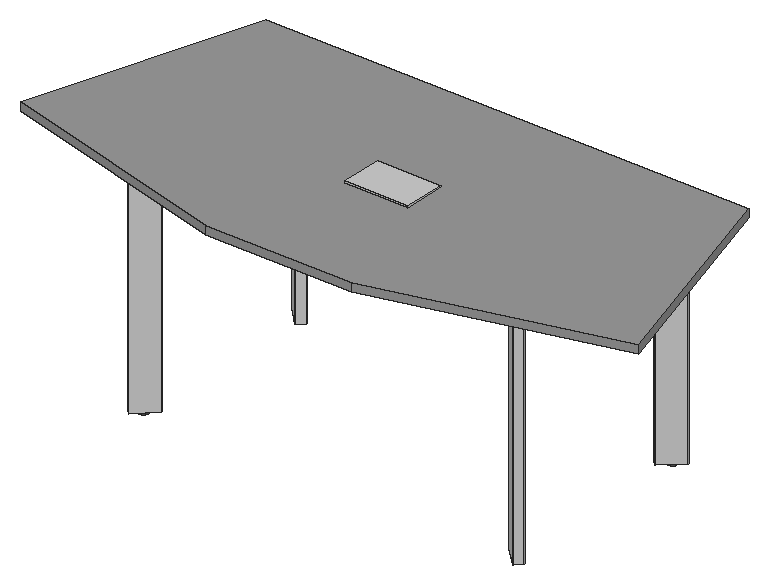
Revit family "Haworth_Planes_ConferenceDesk_Polygon_AP_PRELIMINARY", category Furniture, Revit 2019
Family settings
  OmniClass Number = 23.40.70.14.64.21
  OmniClass Title = Systems Furniture
  Work Plane-Based = No
  Always vertical = Yes
  Cut with Voids When Loaded = No
  Shared = No
  Room Calculation Point = No
Parameters (values of type "1950w x 900d")
  Warranty = "http://www.haworth.com/resources/product-info/warranties"
  URL - Product = "https://www.haworth.com/ap/en/products/conference-tables/planes-0.html"
  Top Finish [instance] = Haworth _ Laminate _ Undecided _ Tables
  Support Finish [instance] = Haworth _ Paint _ Undecided _ Table
  Polygon Small = not(Polygon Large)  # no
  Polygon Large = yes
  Model = "WOPLTCL"  # constant formula
  Leg Height = Actual Height - 25 mm  # 715 mm
  Glide Finish = Haworth _ Polymer _ Black
  Flip Top Finish = Haworth _ Paint _ Undecided _ Table
  Flip Top = yes
  Description = "Haworth - Planes - Conference Table - Polygon"  # constant formula
  URL = "https://www.haworth.com/ap/en.html"
  Size = "Verify Final Dim. w/ Haworth"  # constant formula
  Revision Number = "1"  # constant formula
  Manufacturer = "Haworth"  # constant formula
  Author = "Haworth (Abd Rahman)"  # constant formula
  Assembly Code = "E2020200"
  Actual Width = if(Polygon Small, 1650 mm, 1950 mm)  # 1950 mm
  Actual Height = 740 mm  # constant formula
  Actual Depth = if(Polygon Small, 750 mm, 900 mm)  # 900 mm
Types (3, lengths in mm): name | Polygon Small | Polygon Large | Flip Top | Actual Width | Actual Depth
  (no name) | no | yes | yes | 1950 | 900
  1650w x 750d | yes | no | no | 1650 | 750
  1950w x 900d | no | yes | yes | 1950 | 900
Reference planes
  plane 1 "Center F/B": y = 0
  plane 2: z = 0
  plane 3 "Top": z = 740
  plane 4: x = 0
  plane 5: z = 715
  plane 6: x = -975
  plane 7: x = 975
  plane 8: y = 450
  plane 9: y = -450
  plane 10: x = 675
  plane 11: x = -675
  plane 12: y = -330
Dimensions and locks
  "Actual Height": plane 3 "Top" to level
  "Actual Width": plane 6 to plane 7
  equal spacing: plane 6, plane 4, plane 7
  equal spacing: plane 8, plane 1 "Center F/B", plane 9
  "Actual Depth": plane 8 to plane 9
  locked: plane 3 "Top" to plane 5 at 25
  locked: plane 6 to plane 11 at 300
  locked: plane 10 to plane 7 at 300
  locked: plane 12 to plane 9 at 120
  aligned and locked: nested 1 to plane 4
  aligned and locked: plane 1 "Center F/B" to nested 1
  aligned and locked: plane 3 "Top" to nested 1
  aligned and locked: nested 2 to plane 4
  aligned and locked: plane 1 "Center F/B" to nested 2
  aligned and locked: nested 2 to plane 3 "Top"
  aligned and locked: level to nested 6
  aligned and locked: nested 4 to level
  aligned and locked: nested 5 to level
  aligned and locked: level to nested 3
  aligned and locked: nested 3 to plane 10
  aligned and locked: plane 11 to nested 4
  aligned and locked: plane 8 to nested 3
  aligned and locked: nested 4 to plane 8
  aligned and locked: plane 10 to nested 5
  aligned and locked: nested 6 to plane 11
  aligned and locked: nested 6 to plane 12
  aligned and locked: plane 12 to nested 5
Nested families
  nested 1: "Haworth_Planes_Top_PolygonPebble_AP-PART" at (556.859, 72.1, 5), Top Finish <- "Top Finish", type "Conference Desk - Top"
    with Top Finish Haworth _ Laminate _ Undecided _ Tables, Polygon - Small no, Pebble - Small no, Pebble - Medium no, Pebble - Large no, Pebble - Extra Large no
  nested 2: "Haworth-Flip Top" at (-14.487, -1.333, -60), visible <- "Flip Top", type "Flip Top - Visio"
    with Actual Width 200 mm, Actual Depth 130 mm
  nested 3: "Haworth_Planes_InteriorLeg_AP-PART" at (1218.029, 659.465, 0), Leg Finish <- "Support Finish", type "Interior Leg"
    with Leg Finish Haworth _ Paint _ Undecided _ Table, Actual Height 715 mm
  nested 4: "Haworth_Planes_InteriorLeg_AP-PART" at (-1218.029, 659.465, 0) x (-1, 0, 0) z (0, 0, 1), Leg Finish <- "Support Finish", type "Interior Leg"
    with Leg Finish Haworth _ Paint _ Undecided _ Table, Actual Height 715 mm
  nested 5: "Haworth_Planes_InteriorLeg_AP-PART" at (1218.029, -539.465, 0), Leg Finish <- "Support Finish", type "Interior Leg"
    with Leg Finish Haworth _ Paint _ Undecided _ Table, Actual Height 715 mm
  nested 6: "Haworth_Planes_InteriorLeg_AP-PART" at (-1218.029, -539.465, 0) x (-1, 0, 0) z (0, 0, 1), Leg Finish <- "Support Finish", type "Interior Leg"
    with Leg Finish Haworth _ Paint _ Undecided _ Table, Actual Height 715 mm
Definition of nested family "Haworth_Planes_Top_PolygonPebble_AP-PART"
  Parameters (values of type "Conference Desk - Top")
    Warranty = "http://www.haworth.com/resources/product-info/warranties"
    URL - Product = ""
    URL = ""
    Top Finish [instance] = none
    Thickness = 25 mm
    Size = "Verify Final Dim. w/ Haworth"  # constant formula
    Revision Number = "1"  # constant formula
    Polygon - Small = yes
    Polygon - Large = yes
    Pebble - Small = yes
    Pebble - Medium = yes
    Pebble - Large = yes
    Pebble - Extra Large = yes
    Model = ""
    Manufacturer = "Haworth"  # constant formula
    Description = ""
    Author = "Haworth (Abd Rahman)"  # constant formula
    Assembly Code = "E2020200"
    Actual Width = 2400 mm  # constant formula
    Actual Mounting Height = 450 mm
    Actual Depth = 1200 mm  # constant formula
  Reference planes
    plane 1: z = -5
    plane 2: x = -556.859
    plane 3: y = -72.1
    plane 4: z = 735
    plane 5: z = 710
    plane 6: x = 643.141
    plane 7: x = -1756.859
    plane 8: y = 527.9
    plane 9: y = -672.1
  Forms (mm)
    Extrusion 1, solid, material <- "Top Finish", visible <- "Polygon - Small"
      sketch origin (5256.778, -2580.649, -5) x (1, 0, 0) y (0, 1, 0)
        loop
          line (-4989.026, 2303.104) -> (-5144.409, 2882.994) -> (-6482.867, 2882.994) -> (-6638.25, 2303.104) -> (-6008.98, 2134.492) -> (-5618.295, 2134.492) -> (-4989.026, 2303.104)
      from 715 to 740
    Extrusion 2, solid, material <- "Top Finish", visible <- "Polygon - Large"
      sketch origin (2851.336, -2545.544, -5) x (1, 0, 0) y (0, 1, 0)
        loop
          line (-4166.554, 2923.501) -> (-4380.643, 2224.986) -> (-3639.874, 2026.498) -> (-3178.084, 2026.498) -> (-2435.867, 2225.374) -> (-2649.837, 2923.501) -> (-4166.554, 2923.501)
      from 715 to 740
    Extrusion 3, solid, material <- "Top Finish", visible <- "Pebble - Small"
      sketch origin (193.141, -2271.084, -5) x (1, 0, 0) y (0, 1, 0)
        loop
          arc (-1288.345, 2642.369) -> (-1404.319, 2600.729) -> (-1505.275, 2530.079) r 464.798
          arc (-1505.275, 2530.079) -> (-1650.609, 2198.984) -> (-1505.275, 1867.888) r 449.812
          arc (-1505.275, 1867.888) -> (-1385.894, 1788.436) -> (-1247.863, 1749.555) r 460.543
          arc (-1247.863, 1749.555) -> (-750, 1697.84) -> (-252.137, 1749.555) r 2422.338
          arc (-252.137, 1749.555) -> (-96.044, 1799.738) -> (34.483, 1898.966) r 486.065
          arc (34.483, 1898.966) -> (153.207, 2200) -> (34.483, 2501.034) r 441.008
          arc (34.483, 2501.034) -> (-77.969, 2590.19) -> (-211.654, 2642.369) r 482.976
          arc (-211.654, 2642.369) -> (-750, 2702.749) -> (-1288.345, 2642.369) r 2430.108
      from 715 to 740
    Extrusion 4, solid, material <- "Top Finish", visible <- "Pebble - Medium"
      sketch origin (-2348.032, -2171.084, -5) x (1, 0, 0) y (0, 1, 0)
        loop
          arc (1121.173, 2534.292) -> (1044.067, 2503.834) -> (974.133, 2459.31) r 435.33
          arc (974.133, 2459.31) -> (799.673, 2102.033) -> (974.133, 1744.755) r 453.065
          arc (974.133, 1744.755) -> (1042.175, 1695.138) -> (1121.598, 1667.144) r 290.215
          arc (1121.598, 1667.144) -> (1806.152, 1600.787) -> (2490.706, 1667.144) r 3564.178
          arc (2490.706, 1667.144) -> (2596.545, 1718.836) -> (2685.596, 1795.931) r 455.65
          arc (2685.596, 1795.931) -> (2800.988, 2098.984) -> (2685.596, 2402.036) r 455.65
          arc (2685.596, 2402.036) -> (2584.275, 2486.645) -> (2461.173, 2534.292) r 406.154
          arc (2461.173, 2534.292) -> (1791.173, 2603.572) -> (1121.173, 2534.292) r 3274.426
      from 715 to 740
    Extrusion 5, solid, material <- "Top Finish", visible <- "Pebble - Large"
      sketch origin (-5106.063, -2075.304, -5) x (1, 0, 0) y (0, 1, 0)
        loop
          arc (3849.204, 2525.806) -> (3708.378, 2469.455) -> (3594.685, 2369.05) r 444.677
          arc (3594.685, 2369.05) -> (3452.458, 1998.947) -> (3594.685, 1628.844) r 552.656
          arc (3594.685, 1628.844) -> (3710.386, 1532.112) -> (3848.397, 1471.308) r 537.797
          arc (3848.397, 1471.308) -> (4550, 1404.274) -> (5251.603, 1471.308) r 3705.189
          arc (5251.603, 1471.308) -> (5408.261, 1550.662) -> (5535.003, 1672.215) r 596.196
          arc (5535.003, 1672.215) -> (5647, 2000) -> (5535.003, 2327.785) r 535.667
          arc (5535.003, 2327.785) -> (5412.003, 2455.516) -> (5249.204, 2525.806) r 449.963
          arc (5249.204, 2525.806) -> (4549.204, 2599.308) -> (3849.204, 2525.806) r 3369.986
      from 715 to 740
    Extrusion 6, solid, material <- "Top Finish", visible <- "Pebble - Extra Large"
      sketch origin (-8252.839, -1974.122, -5) x (1, 0, 0) y (0, 1, 0)
        loop
          arc (6947.482, 2441.025) -> (6825.463, 2405.522) -> (6716.095, 2340.81) r 507.347
          arc (6716.095, 2340.81) -> (6502.13, 1902.022) -> (6716.095, 1463.234) r 556.904
          arc (6716.095, 1463.234) -> (6848.97, 1387.346) -> (6997.961, 1352.467) r 531.397
          arc (6997.961, 1352.467) -> (7714.553, 1299.52) -> (8431.146, 1352.467) r 4875.659
          arc (8431.146, 1352.467) -> (8564.495, 1391.946) -> (8683.905, 1463.234) r 556.904
          arc (8683.905, 1463.234) -> (8897.87, 1902.022) -> (8683.905, 2340.81) r 556.904
          arc (8683.905, 2340.81) -> (8570.921, 2406.994) -> (8444.477, 2441.025) r 491.896
          arc (8444.477, 2441.025) -> (7695.98, 2500.121) -> (6947.482, 2441.025) r 4769.7
      from 715 to 740
  Lines and regions (mm)
    Masking region 1, visible <- "Polygon - Small"
      outline origin (5256.778, -2580.649, -5) x (1, 0, 0) y (0, 1, 0)
        loop
          line (-4989.026, 2303.104) -> (-5144.409, 2882.994) -> (-6482.867, 2882.994) -> (-6638.25, 2303.104) -> (-6008.98, 2134.492) -> (-5618.295, 2134.492) -> (-4989.026, 2303.104)
    Masking region 2, visible <- "Polygon - Large"
      outline origin (2851.336, -2545.544, -5) x (1, 0, 0) y (0, 1, 0)
        loop
          line (-2435.867, 2225.374) -> (-2649.837, 2923.501) -> (-4166.554, 2923.501) -> (-4380.643, 2224.986) -> (-3639.874, 2026.498) -> (-3178.084, 2026.498) -> (-2435.867, 2225.374)
    Masking region 3, visible <- "Pebble - Small"
      outline origin (193.141, -2271.084, -5) x (1, 0, 0) y (0, 1, 0)
        loop
          arc (-211.654, 2642.369) -> (-750, 2702.749) -> (-1288.345, 2642.369) r 2430.108
          arc (-1288.345, 2642.369) -> (-1404.319, 2600.729) -> (-1505.275, 2530.079) r 464.798
          arc (-1505.275, 2530.079) -> (-1650.609, 2198.984) -> (-1505.275, 1867.888) r 449.812
          arc (-1505.275, 1867.888) -> (-1385.894, 1788.436) -> (-1247.863, 1749.555) r 460.543
          arc (-1247.863, 1749.555) -> (-750, 1697.84) -> (-252.137, 1749.555) r 2422.338
          arc (-252.137, 1749.555) -> (-96.044, 1799.738) -> (34.483, 1898.966) r 486.065
          arc (34.483, 1898.966) -> (153.207, 2200) -> (34.483, 2501.034) r 441.008
          arc (34.483, 2501.034) -> (-77.969, 2590.19) -> (-211.654, 2642.369) r 482.976
    Masking region 4, visible <- "Pebble - Medium"
      outline origin (-3195.799, -830.863, -5) x (1, 0, 0) y (0, 1, 0)
        loop
          arc (3308.94, 1194.072) -> (2638.94, 1263.351) -> (1968.94, 1194.072) r 3274.426
          arc (1968.94, 1194.072) -> (1891.834, 1163.613) -> (1821.9, 1119.09) r 435.33
          arc (1821.9, 1119.09) -> (1647.44, 761.812) -> (1821.9, 404.535) r 453.065
          arc (1821.9, 404.535) -> (1889.943, 354.918) -> (1969.366, 326.924) r 290.215
          arc (1969.366, 326.924) -> (2653.92, 260.567) -> (3338.474, 326.924) r 3564.178
          arc (3338.474, 326.924) -> (3444.312, 378.616) -> (3533.364, 455.71) r 455.65
          arc (3533.364, 455.71) -> (3648.755, 758.763) -> (3533.364, 1061.816) r 455.65
          arc (3533.364, 1061.816) -> (3432.042, 1146.424) -> (3308.94, 1194.072) r 406.154
    Masking region 5, visible <- "Pebble - Large"
      outline origin (-5106.063, -2075.304, -5) x (1, 0, 0) y (0, 1, 0)
        loop
          arc (5535.003, 2327.785) -> (5412.003, 2455.516) -> (5249.204, 2525.806) r 449.963
          arc (5249.204, 2525.806) -> (4549.204, 2599.308) -> (3849.204, 2525.806) r 3369.986
          arc (3849.204, 2525.806) -> (3708.378, 2469.455) -> (3594.685, 2369.05) r 444.677
          arc (3594.685, 2369.05) -> (3452.458, 1998.947) -> (3594.685, 1628.844) r 552.656
          arc (3594.685, 1628.844) -> (3710.386, 1532.112) -> (3848.397, 1471.308) r 537.797
          arc (3848.397, 1471.308) -> (4550, 1404.274) -> (5251.603, 1471.308) r 3705.189
          arc (5251.603, 1471.308) -> (5408.261, 1550.662) -> (5535.003, 1672.215) r 596.196
          arc (5535.003, 1672.215) -> (5647, 2000) -> (5535.003, 2327.785) r 535.667
    Masking region 6, visible <- "Pebble - Extra Large"
      outline origin (-7500.561, -331.649, -5) x (1, 0, 0) y (0, 1, 0)
        loop
          arc (7692.2, 798.552) -> (6943.702, 857.648) -> (6195.204, 798.552) r 4769.7
          arc (6195.204, 798.552) -> (6073.185, 763.049) -> (5963.817, 698.337) r 507.347
          arc (5963.817, 698.337) -> (5749.852, 259.549) -> (5963.817, -179.239) r 556.904
          arc (5963.817, -179.239) -> (6096.692, -255.127) -> (6245.683, -290.005) r 531.397
          arc (6245.683, -290.005) -> (6962.276, -342.953) -> (7678.868, -290.005) r 4875.659
          arc (7678.868, -290.005) -> (7812.218, -250.527) -> (7931.628, -179.239) r 556.904
          arc (7931.628, -179.239) -> (8145.592, 259.549) -> (7931.628, 698.337) r 556.904
          arc (7931.628, 698.337) -> (7818.643, 764.521) -> (7692.2, 798.552) r 491.896
  Dimensions and locks
    locked: plane 4 to plane 5 at 25
    equal spacing: plane 7, plane 2, plane 6
    "Actual Width": plane 7 to plane 6
    equal spacing: plane 9, plane 3, plane 8
    "Actual Depth": plane 9 to plane 8
    aligned and locked: level to plane 1
    aligned and locked: plane 4 to Extrusion 6
    aligned and locked: plane 4 to Extrusion 5
    aligned and locked: plane 4 to Extrusion 4
    aligned and locked: plane 4 to Extrusion 3
    aligned and locked: plane 4 to Extrusion 2
    aligned and locked: plane 4 to Extrusion 1
    aligned and locked: Extrusion 6 to plane 5
    aligned and locked: Extrusion 5 to plane 5
    aligned and locked: Extrusion 4 to plane 5
    aligned and locked: Extrusion 3 to plane 5
    aligned and locked: Extrusion 2 to plane 5
    aligned and locked: Extrusion 1 to plane 5
  Automatic sketch dimensions
    plane 3 to Extrusion 1 sketch curve = 205.445 mm
    Extrusion 1 sketch curve to plane 7 = 375.388 mm
    Extrusion 1 sketch curve to Extrusion 1 sketch curve = 155.383 mm  (x2)
    Extrusion 1 sketch curve to Extrusion 1 sketch curve = 629.269 mm
    Extrusion 1 sketch curve to Extrusion 1 sketch curve = 390.685 mm
    Extrusion 1 sketch curve to Extrusion 1 sketch curve = 473.886 mm
    Extrusion 1 sketch curve to Extrusion 1 sketch curve = 168.612 mm  (x2)
    Extrusion 1 sketch curve to Extrusion 1 sketch curve = 579.89 mm
    Extrusion 2 sketch curve to plane 7 = 227.553 mm
    Extrusion 2 sketch curve to Extrusion 2 sketch curve = 214.089 mm
    Extrusion 2 sketch curve to Extrusion 2 sketch curve = 740.768 mm
    Extrusion 2 sketch curve to Extrusion 2 sketch curve = 461.791 mm
    Extrusion 2 sketch curve to plane 7 = 1958.358 mm
    Extrusion 2 sketch curve to plane 7 = 2172.328 mm
    plane 3 to Extrusion 2 sketch curve = 446.945 mm
    Extrusion 2 sketch curve to Extrusion 2 sketch curve = 0 mm
    Extrusion 2 sketch curve to Extrusion 2 sketch curve = 198.488 mm
    Extrusion 2 sketch curve to Extrusion 2 sketch curve = 198.876 mm
    Extrusion 2 sketch curve to Extrusion 2 sketch curve = 698.127 mm
    Extrusion 3 sketch curve to plane 7 = 749.203 mm
    Extrusion 3 sketch curve to Extrusion 3 sketch curve = 7.263 mm
    Extrusion 3 sketch curve to Extrusion 3 sketch curve = 10.144 mm
    Extrusion 3 sketch curve to plane 2 = 0 mm  (x2)
    plane 2 to Extrusion 3 sketch curve = 429.272 mm
    Extrusion 3 sketch curve to Extrusion 3 sketch curve = 2.257 mm
    Extrusion 3 sketch curve to Extrusion 3 sketch curve = 30.669 mm
    plane 3 to Extrusion 3 sketch curve = 1926.343 mm
    Extrusion 3 sketch curve to Extrusion 3 sketch curve = 1898.712 mm
    Extrusion 3 sketch curve to Extrusion 3 sketch curve = 16.6 mm
    Extrusion 3 sketch curve to Extrusion 3 sketch curve = 11.031 mm
    Extrusion 3 sketch curve to Extrusion 3 sketch curve = 28.647 mm
    Extrusion 3 sketch curve to Extrusion 3 sketch curve = 7.898 mm
    Extrusion 3 sketch curve to Extrusion 3 sketch curve = 30.756 mm
    Extrusion 3 sketch curve to Extrusion 3 sketch curve = 1889.422 mm
    Extrusion 3 sketch curve to Extrusion 3 sketch curve = 57.211 mm
    Extrusion 3 sketch curve to Extrusion 3 sketch curve = 94.812 mm
    Extrusion 3 sketch curve to plane 7 = 444.725 mm
    Extrusion 3 sketch curve to Extrusion 3 sketch curve = 216.93 mm
    Extrusion 3 sketch curve to Extrusion 3 sketch curve = 0 mm  (x2)
    plane 2 to Extrusion 3 sketch curve = 497.863 mm
    plane 2 to Extrusion 3 sketch curve = 538.345 mm
    Extrusion 4 sketch curve to Extrusion 4 sketch curve = 0 mm  (x5)
    Extrusion 4 sketch curve to plane 6 = 1813.834 mm
    Extrusion 4 sketch curve to Extrusion 4 sketch curve = 64.493 mm
    Extrusion 4 sketch curve to Extrusion 4 sketch curve = 10.906 mm
    Extrusion 4 sketch curve to plane 6 = 1200 mm
    Extrusion 4 sketch curve to plane 6 = 1185.02 mm
    Extrusion 4 sketch curve to Extrusion 4 sketch curve = 1092.6 mm
    Extrusion 4 sketch curve to Extrusion 4 sketch curve = 32.73 mm
    plane 3 to Extrusion 4 sketch curve = 2769.838 mm
    plane 3 to Extrusion 4 sketch curve = 147.028 mm
    plane 3 to Extrusion 4 sketch curve = 0 mm
    Extrusion 4 sketch curve to Extrusion 4 sketch curve = 150.077 mm
    Extrusion 4 sketch curve to Extrusion 4 sketch curve = 13.985 mm
    Extrusion 4 sketch curve to Extrusion 4 sketch curve = 37.748 mm
    Extrusion 4 sketch curve to Extrusion 4 sketch curve = 3028.234 mm
    Extrusion 4 sketch curve to Extrusion 4 sketch curve = 55.74 mm
    Extrusion 4 sketch curve to Extrusion 4 sketch curve = 120.659 mm
    Extrusion 4 sketch curve to Extrusion 4 sketch curve = 147.465 mm
    Extrusion 4 sketch curve to Extrusion 4 sketch curve = 145.369 mm
    Extrusion 4 sketch curve to Extrusion 4 sketch curve = 194.89 mm
    Extrusion 5 sketch curve to plane 6 = 1807.633 mm
    Extrusion 5 sketch curve to Extrusion 5 sketch curve = 52.508 mm
    Extrusion 5 sketch curve to Extrusion 5 sketch curve = 11.035 mm
    plane 3 to Extrusion 5 sketch curve = 2773.882 mm
    Extrusion 5 sketch curve to Extrusion 5 sketch curve = 555.125 mm
    Extrusion 5 sketch curve to Extrusion 5 sketch curve = 608.429 mm
    Extrusion 5 sketch curve to Extrusion 5 sketch curve = 1058.346 mm
    Extrusion 5 sketch curve to Extrusion 5 sketch curve = 47.873 mm
    Extrusion 5 sketch curve to Extrusion 5 sketch curve = 44.407 mm
    plane 3 to Extrusion 5 sketch curve = 14.207 mm
    Extrusion 5 sketch curve to Extrusion 5 sketch curve = 9.951 mm
    Extrusion 5 sketch curve to Extrusion 5 sketch curve = 1.053 mm
    Extrusion 5 sketch curve to Extrusion 5 sketch curve = 37.038 mm
    Extrusion 5 sketch curve to Extrusion 5 sketch curve = 85.657 mm
    Extrusion 5 sketch curve to Extrusion 5 sketch curve = 91.88 mm
    Extrusion 5 sketch curve to Extrusion 5 sketch curve = 3018.637 mm
    Extrusion 5 sketch curve to Extrusion 5 sketch curve = 92.367 mm
    Extrusion 5 sketch curve to Extrusion 5 sketch curve = 0 mm  (x2)
    Extrusion 5 sketch curve to Extrusion 5 sketch curve = 145.682 mm
    Extrusion 5 sketch curve to Extrusion 5 sketch curve = 253.712 mm
    Extrusion 5 sketch curve to Extrusion 5 sketch curve = 254.519 mm
    Extrusion 5 sketch curve to Extrusion 5 sketch curve = 140.271 mm
    Extrusion 5 sketch curve to Extrusion 5 sketch curve = 285.799 mm
    Extrusion 6 sketch curve to Extrusion 6 sketch curve = 0 mm  (x3)
    Extrusion 6 sketch curve to plane 3 = 37.942 mm
    Extrusion 6 sketch curve to plane 6 = 1868.881 mm
    Extrusion 6 sketch curve to Extrusion 6 sketch curve = 16.228 mm
    Extrusion 6 sketch curve to Extrusion 6 sketch curve = 15.707 mm
    Extrusion 6 sketch curve to Extrusion 6 sketch curve = 652.653 mm
    Extrusion 6 sketch curve to Extrusion 6 sketch curve = 687.455 mm
    plane 3 to Extrusion 6 sketch curve = 0 mm
    Extrusion 6 sketch curve to Extrusion 6 sketch curve = 1281.932 mm
    Extrusion 6 sketch curve to Extrusion 6 sketch curve = 40.032 mm
    Extrusion 6 sketch curve to Extrusion 6 sketch curve = 58.039 mm
    plane 3 to Extrusion 6 sketch curve = 4171.601 mm
    Extrusion 6 sketch curve to Extrusion 6 sketch curve = 20.097 mm
    Extrusion 6 sketch curve to Extrusion 6 sketch curve = 51.22 mm
    Extrusion 6 sketch curve to Extrusion 6 sketch curve = 4221.937 mm
    plane 3 to Extrusion 6 sketch curve = 549.554 mm  (x2)
    Extrusion 6 sketch curve to Extrusion 6 sketch curve = 45.366 mm
    Extrusion 6 sketch curve to Extrusion 6 sketch curve = 79.617 mm
    Extrusion 6 sketch curve to Extrusion 6 sketch curve = 231.387 mm
    Extrusion 6 sketch curve to Extrusion 6 sketch curve = 239.428 mm
    plane 3 to Extrusion 6 sketch curve = 438.788 mm
    plane 8 to Masking region 1 sketch curve = 805.445 mm
    Masking region 1 sketch curve to plane 7 = 375.388 mm
    Masking region 1 sketch curve to Masking region 1 sketch curve = 155.383 mm  (x2)
    Masking region 1 sketch curve to Masking region 1 sketch curve = 629.269 mm
    Masking region 1 sketch curve to Masking region 1 sketch curve = 390.685 mm
    Masking region 1 sketch curve to Masking region 1 sketch curve = 473.886 mm
    Masking region 1 sketch curve to Masking region 1 sketch curve = 168.612 mm  (x2)
    Masking region 1 sketch curve to Masking region 1 sketch curve = 579.89 mm
    Masking region 2 sketch curve to plane 7 = 227.553 mm
    Masking region 2 sketch curve to Masking region 2 sketch curve = 214.089 mm
    Masking region 2 sketch curve to Masking region 2 sketch curve = 740.768 mm
    Masking region 2 sketch curve to Masking region 2 sketch curve = 461.791 mm
    Masking region 2 sketch curve to plane 7 = 1958.358 mm
    Masking region 2 sketch curve to plane 7 = 2172.328 mm
    plane 8 to Masking region 2 sketch curve = 1046.945 mm
    Masking region 2 sketch curve to Masking region 2 sketch curve = 0 mm
    Masking region 2 sketch curve to Masking region 2 sketch curve = 198.488 mm
    Masking region 2 sketch curve to Masking region 2 sketch curve = 198.876 mm
    Masking region 2 sketch curve to Masking region 2 sketch curve = 698.127 mm
    Masking region 3 sketch curve to plane 7 = 749.203 mm
    Masking region 3 sketch curve to Masking region 3 sketch curve = 7.263 mm
    Masking region 3 sketch curve to Masking region 3 sketch curve = 10.144 mm
    Masking region 3 sketch curve to plane 2 = 0 mm  (x2)
    plane 2 to Masking region 3 sketch curve = 429.272 mm
    Masking region 3 sketch curve to Masking region 3 sketch curve = 2.257 mm
    Masking region 3 sketch curve to Masking region 3 sketch curve = 30.669 mm
    plane 8 to Masking region 3 sketch curve = 2526.343 mm
    plane 8 to Masking region 3 sketch curve = 627.631 mm
    Masking region 3 sketch curve to Masking region 3 sketch curve = 16.6 mm
    Masking region 3 sketch curve to Masking region 3 sketch curve = 11.031 mm
    Masking region 3 sketch curve to Masking region 3 sketch curve = 28.647 mm
    Masking region 3 sketch curve to Masking region 3 sketch curve = 7.898 mm
    Masking region 3 sketch curve to Masking region 3 sketch curve = 30.756 mm
    Masking region 3 sketch curve to Masking region 3 sketch curve = 1889.422 mm
    Masking region 3 sketch curve to Masking region 3 sketch curve = 57.211 mm
    Masking region 3 sketch curve to Masking region 3 sketch curve = 94.812 mm
    Masking region 3 sketch curve to plane 7 = 444.725 mm
    Masking region 3 sketch curve to Masking region 3 sketch curve = 0 mm  (x3)
    plane 2 to Masking region 3 sketch curve = 497.863 mm
    plane 2 to Masking region 3 sketch curve = 538.345 mm
    Masking region 4 sketch curve to Masking region 4 sketch curve = 0 mm  (x5)
    plane 8 to Masking region 4 sketch curve = 747.028 mm
    Masking region 4 sketch curve to plane 6 = 1813.834 mm
    Masking region 4 sketch curve to Masking region 4 sketch curve = 64.493 mm
    Masking region 4 sketch curve to Masking region 4 sketch curve = 10.906 mm
    Masking region 4 sketch curve to plane 6 = 1200 mm
    Masking region 4 sketch curve to plane 6 = 1185.02 mm
    plane 8 to Masking region 4 sketch curve = 600 mm
    Masking region 4 sketch curve to Masking region 4 sketch curve = 1092.6 mm
    Masking region 4 sketch curve to Masking region 4 sketch curve = 32.73 mm
    Masking region 4 sketch curve to plane 9 = 2169.838 mm
    Masking region 4 sketch curve to Masking region 4 sketch curve = 150.077 mm
    Masking region 4 sketch curve to Masking region 4 sketch curve = 13.985 mm
    Masking region 4 sketch curve to Masking region 4 sketch curve = 37.748 mm
    Masking region 4 sketch curve to Masking region 4 sketch curve = 3028.234 mm
    plane 8 to Masking region 4 sketch curve = 1031.839 mm
    Masking region 4 sketch curve to Masking region 4 sketch curve = 120.659 mm
    plane 8 to Masking region 4 sketch curve = 954.228 mm
    Masking region 4 sketch curve to Masking region 4 sketch curve = 145.369 mm
    plane 8 to Masking region 4 sketch curve = 903.053 mm
    plane 8 to Masking region 5 sketch curve = 512.377 mm
    Masking region 5 sketch curve to plane 6 = 1807.633 mm
    Masking region 5 sketch curve to Masking region 5 sketch curve = 52.508 mm
    Masking region 5 sketch curve to Masking region 5 sketch curve = 11.035 mm
    Masking region 5 sketch curve to plane 9 = 2173.882 mm
    Masking region 5 sketch curve to Masking region 5 sketch curve = 555.125 mm
    Masking region 5 sketch curve to Masking region 5 sketch curve = 608.429 mm
    Masking region 5 sketch curve to Masking region 5 sketch curve = 1058.346 mm
    Masking region 5 sketch curve to Masking region 5 sketch curve = 47.873 mm
    Masking region 5 sketch curve to Masking region 5 sketch curve = 44.407 mm
    Masking region 5 sketch curve to Masking region 5 sketch curve = 101.83 mm
    Masking region 5 sketch curve to Masking region 5 sketch curve = 9.951 mm
    Masking region 5 sketch curve to Masking region 5 sketch curve = 1.053 mm
    Masking region 5 sketch curve to Masking region 5 sketch curve = 37.038 mm
    Masking region 5 sketch curve to Masking region 5 sketch curve = 85.657 mm
    Masking region 5 sketch curve to Masking region 5 sketch curve = 3018.637 mm
    Masking region 5 sketch curve to Masking region 5 sketch curve = 92.367 mm
    Masking region 5 sketch curve to Masking region 5 sketch curve = 0 mm  (x3)
    Masking region 5 sketch curve to Masking region 5 sketch curve = 145.682 mm
    Masking region 5 sketch curve to Masking region 5 sketch curve = 253.712 mm
    Masking region 5 sketch curve to Masking region 5 sketch curve = 140.271 mm
    Masking region 5 sketch curve to Masking region 5 sketch curve = 285.799 mm
    Masking region 6 sketch curve to Masking region 6 sketch curve = 0 mm  (x3)
    plane 8 to Masking region 6 sketch curve = 562.058 mm
    Masking region 6 sketch curve to plane 6 = 1868.881 mm
    Masking region 6 sketch curve to Masking region 6 sketch curve = 16.228 mm
    Masking region 6 sketch curve to Masking region 6 sketch curve = 15.707 mm
    Masking region 6 sketch curve to plane 9 = 3571.601 mm
    Masking region 6 sketch curve to Masking region 6 sketch curve = 652.653 mm
    Masking region 6 sketch curve to Masking region 6 sketch curve = 687.455 mm
    plane 8 to Masking region 6 sketch curve = 600 mm
    Masking region 6 sketch curve to Masking region 6 sketch curve = 1281.932 mm
    Masking region 6 sketch curve to Masking region 6 sketch curve = 40.032 mm
    Masking region 6 sketch curve to Masking region 6 sketch curve = 58.039 mm
    Masking region 6 sketch curve to Masking region 6 sketch curve = 20.097 mm
    Masking region 6 sketch curve to Masking region 6 sketch curve = 51.22 mm
    Masking region 6 sketch curve to plane 8 = 3673.157 mm
    plane 3 to Masking region 6 sketch curve = 549.554 mm  (x2)
    Masking region 6 sketch curve to Masking region 6 sketch curve = 45.366 mm
    plane 8 to Masking region 6 sketch curve = 60.997 mm
    plane 8 to Masking region 6 sketch curve = 161.212 mm
    Masking region 6 sketch curve to Masking region 6 sketch curve = 239.428 mm
    plane 3 to Masking region 6 sketch curve = 438.788 mm
Definition of nested family "Haworth-Flip Top"
  Parameters (values of type "Flip Top - Visio")
    Warranty = ""
    URL - Product = ""
    URL = ""
    Sustainability Info = ""
    Size = "Verify Final Dim. w/ Haworth"  # constant formula
    Single Sided = no
    Single Sided Wide = yes
    Revision Number = ""
    OmniClass Number = ""
    Material Options = ""
    Manufacturer = "Haworth"  # constant formula
    LEED Data = ""
    Flip Top Height = 25 mm
    Flip Top Finish = none
    Double Sided = no
    Double Sided Wide = no
    Author = "SHAPE Environments, LLC"  # constant formula
    Assembly Code = ""
    Actual Width = 500 mm
    Actual Height = 800 mm
    Actual Depth = 110 mm
  Reference planes
    plane 1 "Center F/B": y = 1.333
    plane 2: z = 0
    plane 3 "Center L/R": x = 14.487
    plane 4 "Back": y = 56.333
    plane 5 "Right": x = 264.487
    plane 6 "Front": y = -53.667
    plane 7 "Left": x = -235.513
    plane 8 "Table Height": z = 800
    plane 9: z = 775
  Forms (mm)
    Extrusion 1, solid, material <- "Flip Top Finish"
      sketch origin (0, 0, 800) x (-1, 0, 0) y (0, -1, 0)
        loop
          line (235.513, -56.333) -> (235.513, 53.667) -> (-264.487, 53.667) -> (-264.487, -56.333) -> (235.513, -56.333)
      from 0 to 3.175
    Extrusion 2, solid, material <- "Flip Top Finish"
      sketch origin (0, 0, 800) x (-1, 0, 0) y (0, -1, 0)
        loop
          line (232.338, -51.571) -> (232.338, 48.904) -> (-261.312, 48.904) -> (-261.312, -51.571) -> (232.338, -51.571)
      from 0 to -25
  Cuts and joins
    joined: Extrusion 1, Extrusion 2
  Lines and regions (mm)
    symbolic lines
      curve 1: line (-235.513, 56.333, 800) -> (264.487, 56.333, 800)
      curve 2: line (-235.513, -53.667, 800) -> (-235.513, 56.333, 800)
      curve 3: line (264.487, -53.667, 800) -> (-235.513, -53.667, 800)
      curve 4: line (264.487, 56.333, 800) -> (264.487, -53.667, 800)
  Dimensions and locks
    equal spacing: plane 7 "Left", plane 3 "Center L/R", plane 5 "Right"
    "Actual Width": plane 7 "Left" to plane 5 "Right"
    equal spacing: plane 6 "Front", plane 1 "Center F/B", plane 4 "Back"
    "Actual Depth": plane 4 "Back" to plane 6 "Front"
    plane 7 "Left" to Extrusion 2 sketch curve = 3.175 mm
    plane 4 "Back" to Extrusion 2 sketch curve = 4.762 mm
    Extrusion 2 sketch curve to plane 5 "Right" = 3.175 mm
    Extrusion 2 sketch curve to plane 6 "Front" = 4.763 mm
    "Actual Height": plane 8 "Table Height" to level
    "Flip Top Height": plane 8 "Table Height" to plane 9
    aligned and locked: plane 7 "Left" to Extrusion 1 sketch curve
    aligned and locked: Extrusion 1 sketch curve to plane 4 "Back"
    aligned and locked: Extrusion 1 sketch curve to plane 6 "Front"
    aligned and locked: Extrusion 1 sketch curve to plane 5 "Right"
    aligned and locked: cut or joined group of Extrusion 1, Extrusion 2 to plane 9
  Automatic sketch dimensions
    curve 4 to plane 5 "Right" = 0 mm
    curve 2 to plane 4 "Back" = 0 mm
    curve 2 to plane 7 "Left" = 0 mm
    curve 4 to plane 6 "Front" = 0 mm
Definition of nested family "Haworth_Planes_InteriorLeg_AP-PART"
  Parameters (values of type "Interior Leg")
    Warranty = "http://www.haworth.com/resources/product-info/warranties"
    URL - Product = ""
    URL = "https://www.haworth.com/ap/en.html"
    Size = "Verify Final Dim. w/ Haworth"  # constant formula
    Revision Number = "1"  # constant formula
    Model = ""
    Manufacturer = "Haworth"  # constant formula
    Leg Finish [instance] = none
    Glide Finish = none
    Description = ""
    Author = "Haworth (Abd Rahman)"  # constant formula
    Assembly Code = "E2020200"
    Actual Width = 190 mm  # constant formula
    Actual Height = 700 mm
    Actual Depth = 190 mm  # constant formula
  Reference planes
    plane 1: z = 0
    plane 2 "Center F/B": y = -292.1
    plane 3 "Top": z = 700
    plane 4: z = 692
    plane 5: x = -631.859
    plane 6: y = -209.465
    plane 7: y = -399.465
    plane 8: x = -543.029
    plane 9: x = -733.029
    plane 10: z = 5.995
  Forms (mm)
    Extrusion 1, solid, material <- "Leg Finish"
      sketch origin (5860.38, -452.873, 0) x (1, 0, 0) y (0, 1, 0)
        loop
          line (-6454.785, 176.424) -> (-6473.569, 195.207)
          arc (-6473.569, 195.207) -> (-6474.283, 195.503) -> (-6474.998, 195.207) r 1.011
          line (-6474.998, 195.207) -> (-6531.948, 138.258)
          arc (-6531.948, 138.258) -> (-6532.241, 137.55) -> (-6531.948, 136.843) r 1
          line (-6531.948, 136.843) -> (-6513.189, 118.084)
          arc (-6513.189, 118.084) -> (-6512.45, 117.778) -> (-6511.71, 118.084) r 1.046
          line (-6511.71, 118.084) -> (-6454.785, 175.009)
          arc (-6454.785, 175.009) -> (-6454.492, 175.717) -> (-6454.785, 176.424) r 1
      from 5.995 to 692
    Extrusion 2, solid, material <- "Leg Finish"
      sketch origin (5860.38, -452.873, 0) x (1, 0, 0) y (0, 1, 0)
        loop
          line (-6426.372, 171.44) -> (-6478.942, 224.011)
          arc (-6478.942, 224.011) -> (-6482.478, 225.475) -> (-6486.013, 224.011) r 5
          line (-6486.013, 224.011) -> (-6501.788, 208.236)
          arc (-6501.788, 208.236) -> (-6509.725, 206.834) -> (-6513.763, 213.809) r 7.03
          line (-6513.763, 213.809) -> (-6512.918, 223.661)
          arc (-6512.918, 223.661) -> (-6513.853, 226.61) -> (-6516.599, 228.036) r 4.044
          line (-6516.599, 228.036) -> (-6543.901, 230.395)
          arc (-6543.901, 230.395) -> (-6545.581, 230.843) -> (-6547.006, 231.841) r 5
          line (-6547.006, 231.841) -> (-6554.227, 239.061)
          arc (-6554.227, 239.061) -> (-6556.792, 240.856) -> (-6559.816, 241.664) r 9
          line (-6559.816, 241.664) -> (-6580.001, 243.408)
          arc (-6580.001, 243.408) -> (-6583.649, 242.253) -> (-6585.413, 238.857) r 5
          line (-6585.413, 238.857) -> (-6593.408, 146.323)
          arc (-6593.408, 146.323) -> (-6592.254, 142.674) -> (-6588.857, 140.911) r 5
          line (-6588.857, 140.911) -> (-6558.479, 138.286)
          arc (-6558.479, 138.286) -> (-6556.799, 137.837) -> (-6555.374, 136.84) r 5
          line (-6555.374, 136.84) -> (-6513.16, 94.626)
          arc (-6513.16, 94.626) -> (-6512.163, 93.201) -> (-6511.714, 91.521) r 5
          line (-6511.714, 91.521) -> (-6509.089, 61.143)
          arc (-6509.089, 61.143) -> (-6507.326, 57.746) -> (-6503.677, 56.592) r 5
          line (-6503.677, 56.592) -> (-6411.641, 64.544)
          arc (-6411.641, 64.544) -> (-6407.905, 66.484) -> (-6406.635, 70.497) r 5.5
          line (-6406.635, 70.497) -> (-6408.336, 90.184)
          arc (-6408.336, 90.184) -> (-6409.144, 93.208) -> (-6410.939, 95.773) r 9
          line (-6410.939, 95.773) -> (-6418.236, 103.07)
          arc (-6418.236, 103.07) -> (-6419.056, 104.239) -> (-6419.429, 105.616) r 4.131
          line (-6419.429, 105.616) -> (-6421.969, 133.464)
          arc (-6421.969, 133.464) -> (-6423.384, 136.167) -> (-6426.294, 137.086) r 4
          line (-6426.294, 137.086) -> (-6436.271, 136.23)
          arc (-6436.271, 136.23) -> (-6443.217, 140.252) -> (-6441.82, 148.156) r 7.001
          line (-6441.82, 148.156) -> (-6426.372, 163.604)
          arc (-6426.372, 163.604) -> (-6424.749, 167.522) -> (-6426.372, 171.44) r 5.541
      from 692 to 700
    Extrusion 3, solid, material <- "Glide Finish"
      sketch origin (35.938, -51.741, 0) x (1, 0, 0) y (0, 1, 0)
        loop
          line (-661.294, -228.493) -> (-671.815, -228.493) -> (-679.255, -235.933) -> (-679.255, -246.454) -> (-671.815, -253.893) -> (-661.294, -253.893) -> (-653.855, -246.454) -> (-653.855, -235.933) -> (-661.294, -228.493)
      from 0 to 5.995
  Lines and regions (mm)
    Masking region 1
      outline origin (0, 0, 0) x (1, 0, 0) y (0, 1, 0)
        loop
          line (-565.992, -281.433) -> (-618.563, -228.862)
          arc (-618.563, -228.862) -> (-622.098, -227.398) -> (-625.634, -228.862) r 5
          line (-625.634, -228.862) -> (-641.408, -244.636)
          arc (-641.408, -244.636) -> (-649.345, -246.039) -> (-653.384, -239.064) r 7.03
          line (-653.384, -239.064) -> (-652.538, -229.212)
          arc (-652.538, -229.212) -> (-653.473, -226.263) -> (-656.22, -224.837) r 4.044
          line (-656.22, -224.837) -> (-683.522, -222.478)
          arc (-683.522, -222.478) -> (-685.202, -222.029) -> (-686.627, -221.032) r 5
          line (-686.627, -221.032) -> (-693.847, -213.811)
          arc (-693.847, -213.811) -> (-696.412, -212.017) -> (-699.437, -211.209) r 9
          line (-699.437, -211.209) -> (-719.621, -209.465)
          arc (-719.621, -209.465) -> (-723.27, -210.619) -> (-725.033, -214.016) r 5
          line (-725.033, -214.016) -> (-733.029, -306.55)
          arc (-733.029, -306.55) -> (-731.874, -310.199) -> (-728.478, -311.962) r 5
          line (-728.478, -311.962) -> (-698.1, -314.587)
          arc (-698.1, -314.587) -> (-696.42, -315.036) -> (-694.995, -316.033) r 5
          line (-694.995, -316.033) -> (-652.78, -358.247)
          arc (-652.78, -358.247) -> (-651.783, -359.672) -> (-651.335, -361.352) r 5
          line (-651.335, -361.352) -> (-648.71, -391.73)
          arc (-648.71, -391.73) -> (-646.946, -395.126) -> (-643.298, -396.281) r 5
          line (-643.298, -396.281) -> (-551.262, -388.328)
          arc (-551.262, -388.328) -> (-547.526, -386.389) -> (-546.256, -382.375) r 5.5
          line (-546.256, -382.375) -> (-547.957, -362.689)
          arc (-547.957, -362.689) -> (-548.764, -359.664) -> (-550.559, -357.1) r 9
          line (-550.559, -357.1) -> (-557.857, -349.802)
          arc (-557.857, -349.802) -> (-558.676, -348.634) -> (-559.049, -347.257) r 4.131
          line (-559.049, -347.257) -> (-561.589, -319.409)
          arc (-561.589, -319.409) -> (-563.005, -316.705) -> (-565.915, -315.787) r 4
          line (-565.915, -315.787) -> (-575.891, -316.643)
          arc (-575.891, -316.643) -> (-582.837, -312.621) -> (-581.44, -304.717) r 7.001
          line (-581.44, -304.717) -> (-565.992, -289.269)
          arc (-565.992, -289.269) -> (-564.369, -285.351) -> (-565.992, -281.433) r 5.541
        loop
          line (-651.331, -334.788) -> (-594.405, -277.863)
          arc (-594.405, -277.863) -> (-594.113, -277.156) -> (-594.405, -276.449) r 1
          line (-594.405, -276.449) -> (-613.189, -257.666)
          arc (-613.189, -257.666) -> (-613.904, -257.369) -> (-614.619, -257.666) r 1.011
          line (-614.619, -257.666) -> (-671.568, -314.615)
          arc (-671.568, -314.615) -> (-671.861, -315.322) -> (-671.568, -316.029) r 1
          line (-671.568, -316.029) -> (-652.809, -334.788)
          arc (-652.809, -334.788) -> (-652.07, -335.095) -> (-651.331, -334.788) r 1.046
    Masking region 2
      outline origin (0, 0, 0) x (1, 0, 0) y (0, 1, 0)
        loop
          line (-617.917, -287.674) -> (-625.357, -280.234) -> (-635.878, -280.234) -> (-643.317, -287.674) -> (-643.317, -298.195) -> (-635.878, -305.634) -> (-625.357, -305.634) -> (-617.917, -298.195) -> (-617.917, -287.674)
  Dimensions and locks
    "Actual Height": plane 3 "Top" to plane 1
    plane 3 "Top" to level = 700 mm
    locked: plane 3 "Top" to plane 4 at 8
    plane 6 to plane 2 "Center F/B" to plane 7 = 82.635 mm, 107.365 mm
    plane 9 to plane 5 to plane 8 = 101.17 mm, 88.83 mm
    "Actual Width": plane 9 to plane 8
    "Actual Depth": plane 6 to plane 7
    locked: plane 10 to level at 5.995
    aligned and locked: plane 3 "Top" to Extrusion 2
    aligned and locked: plane 4 to Extrusion 2
    aligned and locked: Extrusion 1 to plane 4
    aligned and locked: level to plane 1
    aligned and locked: plane 10 to Extrusion 3
    aligned and locked: Extrusion 3 to level
    aligned and locked: Extrusion 1 to plane 10
  Automatic sketch dimensions
    Extrusion 1 sketch curve to Extrusion 1 sketch curve = 0 mm
    Extrusion 1 sketch curve to Extrusion 1 sketch curve = 0.707 mm  (x5)
    Extrusion 1 sketch curve to Extrusion 1 sketch curve = 18.759 mm
    Extrusion 1 sketch curve to Extrusion 1 sketch curve = 0.739 mm  (x3)
    Extrusion 1 sketch curve to Extrusion 1 sketch curve = 56.95 mm
    Extrusion 1 sketch curve to Extrusion 1 sketch curve = 0.715 mm  (x3)
    Extrusion 1 sketch curve to Extrusion 1 sketch curve = 18.791 mm
    Extrusion 2 sketch curve to Extrusion 2 sketch curve = 4.551 mm  (x2)
    Extrusion 2 sketch curve to Extrusion 2 sketch curve = 0.43 mm  (x6)
    Extrusion 2 sketch curve to Extrusion 2 sketch curve = 7.996 mm
    Extrusion 2 sketch curve to Extrusion 2 sketch curve = 4.981 mm  (x3)
    Extrusion 2 sketch curve to Extrusion 2 sketch curve = 19.84 mm
    Extrusion 2 sketch curve to Extrusion 2 sketch curve = 0.775 mm  (x2)
    Extrusion 2 sketch curve to Extrusion 2 sketch curve = 29.947 mm  (x2)
    Extrusion 2 sketch curve to Extrusion 2 sketch curve = 3.105 mm  (x2)
    Extrusion 2 sketch curve to Extrusion 2 sketch curve = 5.589 mm
    Extrusion 2 sketch curve to Extrusion 2 sketch curve = 7.221 mm
    Extrusion 2 sketch curve to Extrusion 2 sketch curve = 3.536 mm  (x6)
    Extrusion 2 sketch curve to Extrusion 2 sketch curve = 26.954 mm
    Extrusion 2 sketch curve to Extrusion 2 sketch curve = 42.214 mm  (x2)
    Extrusion 2 sketch curve to Extrusion 2 sketch curve = 0.348 mm
    Extrusion 2 sketch curve to Extrusion 2 sketch curve = 3.184 mm
    Extrusion 2 sketch curve to Extrusion 2 sketch curve = 4.03 mm
    Extrusion 2 sketch curve to Extrusion 2 sketch curve = 1.446 mm  (x2)
    Extrusion 2 sketch curve to Extrusion 2 sketch curve = 2.625 mm
    Extrusion 2 sketch curve to Extrusion 2 sketch curve = 7.005 mm
    Extrusion 2 sketch curve to Extrusion 2 sketch curve = 4.971 mm  (x2)
    Extrusion 2 sketch curve to Extrusion 2 sketch curve = 15.774 mm
    Extrusion 2 sketch curve to Extrusion 2 sketch curve = 40.658 mm
    Extrusion 2 sketch curve to Extrusion 2 sketch curve = 4.951 mm
    Extrusion 2 sketch curve to Extrusion 2 sketch curve = 0.599 mm
    Extrusion 2 sketch curve to Extrusion 2 sketch curve = 11.53 mm
    Extrusion 2 sketch curve to Extrusion 2 sketch curve = 3.918 mm  (x3)
    Extrusion 2 sketch curve to Extrusion 2 sketch curve = 9.976 mm
    Extrusion 2 sketch curve to Extrusion 2 sketch curve = 0.342 mm
    Extrusion 2 sketch curve to Extrusion 2 sketch curve = 3.983 mm
    Extrusion 2 sketch curve to Extrusion 2 sketch curve = 2.54 mm
    Extrusion 2 sketch curve to Extrusion 2 sketch curve = 1.193 mm
    Extrusion 2 sketch curve to Extrusion 2 sketch curve = 0.933 mm
    Extrusion 2 sketch curve to Extrusion 2 sketch curve = 2.921 mm
    Extrusion 2 sketch curve to Extrusion 2 sketch curve = 5.188 mm
    Extrusion 2 sketch curve to Extrusion 2 sketch curve = 0.473 mm
    Extrusion 2 sketch curve to Extrusion 2 sketch curve = 6.364 mm  (x2)
    Extrusion 2 sketch curve to Extrusion 2 sketch curve = 2.603 mm
    Extrusion 2 sketch curve to Extrusion 2 sketch curve = 5.48 mm  (x2)
    plane 5 to Extrusion 1 sketch curve = 39.709 mm
    plane 5 to Extrusion 2 sketch curve = 101.17 mm
    Extrusion 1 sketch curve to plane 2 "Center F/B" = 14.237 mm
    Extrusion 1 sketch curve to Extrusion 1 sketch curve = 18.776 mm
    Extrusion 2 sketch curve to Extrusion 2 sketch curve = 19.385 mm
    Extrusion 2 sketch curve to Extrusion 2 sketch curve = 7.297 mm
    Extrusion 2 sketch curve to Extrusion 2 sketch curve = 2.546 mm
    Extrusion 2 sketch curve to Extrusion 2 sketch curve = 0.363 mm
    Extrusion 2 sketch curve to Extrusion 2 sketch curve = 0.856 mm
    Extrusion 2 sketch curve to Extrusion 2 sketch curve = 6.976 mm
    Extrusion 2 sketch curve to plane 2 "Center F/B" = 2.831 mm
    Extrusion 2 sketch curve to plane 2 "Center F/B" = 47.464 mm
    Extrusion 2 sketch curve to Extrusion 2 sketch curve = 12.239 mm
    Extrusion 2 sketch curve to Extrusion 2 sketch curve = 9.852 mm
    Extrusion 2 sketch curve to Extrusion 2 sketch curve = 0.346 mm
    Extrusion 2 sketch curve to Extrusion 2 sketch curve = 2.359 mm
    Extrusion 2 sketch curve to Extrusion 2 sketch curve = 0.857 mm
    Extrusion 2 sketch curve to Extrusion 2 sketch curve = 5.729 mm
    plane 2 "Center F/B" to Extrusion 1 sketch curve = 22.515 mm
    Extrusion 1 sketch curve to Extrusion 1 sketch curve = 18.727 mm
    plane 2 "Center F/B" to Extrusion 2 sketch curve = 12.617 mm
    plane 2 "Center F/B" to Extrusion 2 sketch curve = 14.45 mm
    plane 2 "Center F/B" to Extrusion 2 sketch curve = 22.487 mm
    Extrusion 2 sketch curve to Extrusion 2 sketch curve = 27.473 mm
    Masking region 1 sketch curve to plane 9 = 0 mm
    Masking region 1 sketch curve to plane 6 = 0 mm
    Masking region 1 sketch curve to plane 9 = 4.551 mm
    Masking region 1 sketch curve to plane 9 = 4.981 mm
    Masking region 1 sketch curve to plane 6 = 4.551 mm
    Masking region 1 sketch curve to plane 9 = 7.996 mm
    Masking region 1 sketch curve to Masking region 1 sketch curve = 4.981 mm  (x3)
    Masking region 1 sketch curve to Masking region 1 sketch curve = 0.43 mm  (x5)
    Masking region 1 sketch curve to Masking region 1 sketch curve = 19.84 mm
    Masking region 1 sketch curve to plane 6 = 1.744 mm
    Masking region 1 sketch curve to Masking region 1 sketch curve = 0.775 mm  (x2)
    Masking region 1 sketch curve to Masking region 1 sketch curve = 29.947 mm  (x2)
    Masking region 1 sketch curve to Masking region 1 sketch curve = 3.105 mm  (x2)
    Masking region 1 sketch curve to plane 6 = 4.347 mm
    Masking region 1 sketch curve to Masking region 1 sketch curve = 5.589 mm
    Masking region 1 sketch curve to plane 6 = 11.567 mm
    Masking region 1 sketch curve to Masking region 1 sketch curve = 7.221 mm
    Masking region 1 sketch curve to plane 6 = 13.013 mm
    plane 5 to Masking region 1 sketch curve = 24.709 mm
    plane 5 to Masking region 1 sketch curve = 24.457 mm
    Masking region 1 sketch curve to Masking region 1 sketch curve = 0.348 mm
    Masking region 1 sketch curve to Masking region 1 sketch curve = 3.184 mm
    Masking region 1 sketch curve to Masking region 1 sketch curve = 3.536 mm  (x5)
    Masking region 1 sketch curve to Masking region 1 sketch curve = 4.03 mm
    Masking region 1 sketch curve to Masking region 1 sketch curve = 1.446 mm
    plane 7 to Masking region 1 sketch curve = 7.735 mm
    plane 5 to Masking region 1 sketch curve = 16.851 mm
    Masking region 1 sketch curve to Masking region 1 sketch curve = 7.005 mm
    plane 7 to Masking region 1 sketch curve = 3.184 mm
    Masking region 1 sketch curve to Masking region 1 sketch curve = 4.971 mm  (x2)
    Masking region 1 sketch curve to plane 5 = 6.225 mm
    plane 2 "Center F/B" to Masking region 1 sketch curve = 12.617 mm
    plane 8 to Masking region 1 sketch curve = 38.412 mm
    Masking region 1 sketch curve to Masking region 1 sketch curve = 4.951 mm
    plane 2 "Center F/B" to Masking region 1 sketch curve = 24.543 mm
    Masking region 1 sketch curve to Masking region 1 sketch curve = 0.599 mm
    Masking region 1 sketch curve to plane 2 "Center F/B" = 6.749 mm
    Masking region 1 sketch curve to Masking region 1 sketch curve = 11.53 mm
    Masking region 1 sketch curve to plane 2 "Center F/B" = 2.831 mm
    Masking region 1 sketch curve to Masking region 1 sketch curve = 3.918 mm
    Masking region 1 sketch curve to plane 2 "Center F/B" = 10.667 mm
    Masking region 1 sketch curve to Masking region 1 sketch curve = 9.976 mm
    Masking region 1 sketch curve to Masking region 1 sketch curve = 0.342 mm
    Masking region 1 sketch curve to Masking region 1 sketch curve = 3.983 mm
    plane 8 to Masking region 1 sketch curve = 16.021 mm
    Masking region 1 sketch curve to Masking region 1 sketch curve = 1.193 mm
    Masking region 1 sketch curve to Masking region 1 sketch curve = 0.933 mm
    Masking region 1 sketch curve to Masking region 1 sketch curve = 2.921 mm
    plane 8 to Masking region 1 sketch curve = 8.706 mm
    Masking region 1 sketch curve to Masking region 1 sketch curve = 0.473 mm
    plane 8 to Masking region 1 sketch curve = 7.531 mm
    plane 8 to Masking region 1 sketch curve = 4.928 mm
    plane 8 to Masking region 1 sketch curve = 3.227 mm
    plane 7 to Masking region 1 sketch curve = 11.136 mm
    Masking region 1 sketch curve to Masking region 1 sketch curve = 5.48 mm
    Masking region 1 sketch curve to Masking region 1 sketch curve = 19.385 mm
    Masking region 1 sketch curve to Masking region 1 sketch curve = 7.297 mm
    Masking region 1 sketch curve to Masking region 1 sketch curve = 2.546 mm
    Masking region 1 sketch curve to Masking region 1 sketch curve = 3.129 mm
    plane 2 "Center F/B" to Masking region 1 sketch curve = 27.468 mm
    Masking region 1 sketch curve to Masking region 1 sketch curve = 0.363 mm
    plane 2 "Center F/B" to Masking region 1 sketch curve = 19.862 mm
    Masking region 1 sketch curve to plane 6 = 35.171 mm
    Masking region 1 sketch curve to Masking region 1 sketch curve = 12.239 mm
    Masking region 1 sketch curve to Masking region 1 sketch curve = 9.852 mm
    Masking region 1 sketch curve to Masking region 1 sketch curve = 0.346 mm
    plane 2 "Center F/B" to Masking region 1 sketch curve = 22.515 mm
    Masking region 1 sketch curve to Masking region 1 sketch curve = 23.426 mm
    Masking region 1 sketch curve to Masking region 1 sketch curve = 0 mm
    Masking region 1 sketch curve to Masking region 1 sketch curve = 0.707 mm  (x3)
    plane 5 to Masking region 1 sketch curve = 20.95 mm
    Masking region 1 sketch curve to Masking region 1 sketch curve = 0.739 mm  (x3)
    Masking region 1 sketch curve to plane 5 = 17.24 mm
    Masking region 1 sketch curve to Masking region 1 sketch curve = 0.715 mm  (x3)
    Masking region 1 sketch curve to Masking region 1 sketch curve = 25.202 mm
    Masking region 1 sketch curve to plane 2 "Center F/B" = 15.651 mm
    Masking region 1 sketch curve to plane 2 "Center F/B" = 14.237 mm
    Masking region 1 sketch curve to Masking region 1 sketch curve = 23.458 mm
    Masking region 1 sketch curve to Masking region 1 sketch curve = 1.414 mm
    Masking region 1 sketch curve to Masking region 1 sketch curve = 18.776 mm
    plane 5 to Extrusion 3 sketch curve = 11.458 mm
    Extrusion 3 sketch curve to plane 2 "Center F/B" = 4.426 mm  (x2)
    Extrusion 3 sketch curve to Extrusion 3 sketch curve = 0 mm  (x2)
    plane 5 to Extrusion 3 sketch curve = 4.018 mm  (x2)
    Extrusion 3 sketch curve to plane 5 = 6.503 mm  (x2)
    Extrusion 3 sketch curve to Extrusion 3 sketch curve = 7.439 mm
    plane 2 "Center F/B" to Extrusion 3 sketch curve = 6.095 mm  (x2)
    plane 2 "Center F/B" to Extrusion 3 sketch curve = 13.534 mm
    Extrusion 3 sketch curve to Extrusion 3 sketch curve = 7.44 mm
    plane 5 to Masking region 2 sketch curve = 11.458 mm
    Masking region 2 sketch curve to plane 2 "Center F/B" = 4.426 mm  (x2)
    Masking region 2 sketch curve to Masking region 2 sketch curve = 0 mm  (x2)
    plane 5 to Masking region 2 sketch curve = 4.018 mm  (x2)
    Masking region 2 sketch curve to plane 5 = 6.503 mm  (x2)
    Masking region 2 sketch curve to Masking region 2 sketch curve = 7.439 mm  (x2)
    plane 2 "Center F/B" to Masking region 2 sketch curve = 6.095 mm  (x2)
    Masking region 2 sketch curve to Masking region 2 sketch curve = 7.44 mm
